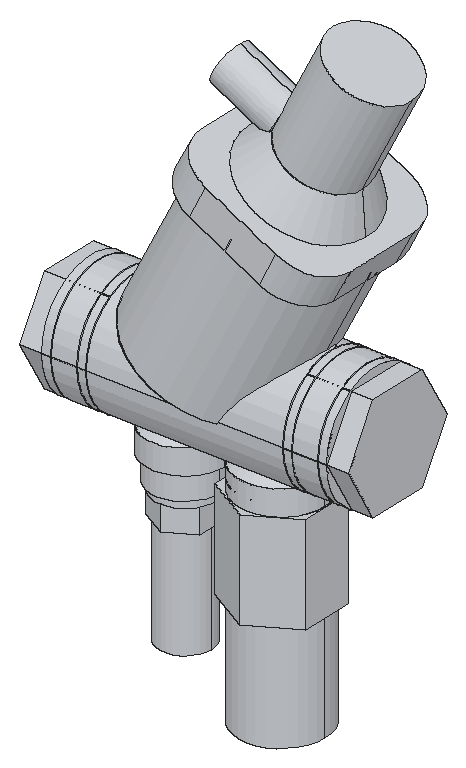
Revit family "PV_Compact_DN015_  5-30_FF_měř-vyp_RFA_2018", category Pipe Accessories, Revit 2018
Family settings
  Round Connector Dimension = Use Diameter
  Part Type = Valve - Breaks Into
  Work Plane-Based = No
  Always vertical = Yes
  Cut with Voids When Loaded = No
  Shared = No
Parameters (values of type "PV Compact DN15 FF s měřením a vypouštěním ( 5-30kPa)")
  magiProductId = "1e13aaf8f1b54965adca1ab26bd771"
  magiProductFamilyId = "88c57951ecb64b5d83dd1d4eb8fc72"
  magiPartTypeId = 304
  isMeasuringValve [instance] = no
  ang2D [instance] = 0.00°
  Z7 = 15 mm
  Z6 = 24.6 mm
  Z5 = 57.4 mm
  Z4 = 49.2 mm
  Z3 = 8.2 mm
  Z2 = 41 mm
  XR3 = 30 mm
  XR2 = 25 mm
  XR1 = 13 mm
  W2D = 15 mm
  VersionID = "2.0/2018.12.13.2/FRESE_PV_COMPACT_PLUG_Q13_001"
  Use Minimum Symbol Size [instance] = no
  URL = "www.hydronic.cz"
  Type Comments = "závitový s vnitřním závitem; s měřicí vsuvkou a vypouštěním; PN25; dpmax=450kPa; -10~+120°C"
  R5 = 5 mm
  R4 = 15 mm
  R3 = 10 mm
  R2 = 14 mm
  R1 = 19 mm
  QmdConnectorList = "301;D;302;D"
  Productdata [instance] = ""
  PH__ve = -PH  # -22.4 mm
  PH = 22.4 mm
  NL__ve = -NL  # -15 mm
  NL = 15 mm
  Manufacturer = "Hydronic Systems Prague s.r.o."
  MC Use Limits From Balancing Method = no
  MC Throttling Minimum Value = 0
  MC Throttling Maximum Value = 0
  MC Product Code = "53-3242 DN15; FF; nastavitelný rozsah dp=5~30kPa; Q=50~600l/h;  kvs=2,9"
  MC Pressure Drop Minimum Value = 0.0 Pa
  MC Pressure Drop Maximum Value = 0.0 Pa
  MC Piping Given Pressure Drop [instance] = 0.0 Pa
  M5 = 32.5 mm
  M4 = 30.5 mm
  M3 = 24.5 mm
  M2 = 22.5 mm
  LP = 37.5 mm
  LM = 45 mm
  LL__ve = -LL  # -5.7 mm
  LLT__ve = -LLT  # -14.9 mm
  LLT = 14.9 mm
  LL2 = 32 mm
  LL = 5.7 mm
  L3 = 11 mm
  L2D_Min = 30.48 mm
  L2D = 65 mm
  Description = "Nastavitelný regulátor tlakové diference"
  DR1 = yes
  DR0 = no
  DL2 = 66 mm
  D = 15 mm
  CenSd_R2_6 = R2 * cos(30.00°)  # 12.124 mm
  CAT0 = yes
  C0D1 = yes
  C0D0 = no
Types (10, lengths in mm): name | magiProductId | Z6 | Z5 | Z4 | Z3 | Z2 | XR3 | XR2 | XR1 | R2 | R1 | PH__ve | PH | NL__ve | NL | MC Product Code | M5 | M4 | M3 | M2 | LP | LM | LL__ve | LLT__ve | LLT | LL2 | LL | L3 | DL2 | D | CenSd_R2_6
  PV Compact DN15 FF s měřením a vypouštěním (20-60kPa) | "ebd4dd38c61a47e78db1b31e427098" | 24.6 | 57.4 | 49.2 | 8.2 | 41 | 30 | 25 | 13 | 14 | 19 | -22.4 | 22.4 | -15 | 15 | "53-3243 DN15; FF; nastavitelný rozsah dp=20~60kPa; Q=100~1000l/h;  kvs=2,9" | 32.5 | 30.5 | 24.5 | 22.5 | 37.5 | 45 | -5.7 | -14.9 | 14.9 | 32 | 5.7 | 11 | 66 | 15 | 12.124
  PV Compact DN15 FF s měřením a vypouštěním ( 5-30kPa) | "1e13aaf8f1b54965adca1ab26bd771" | 24.6 | 57.4 | 49.2 | 8.2 | 41 | 30 | 25 | 13 | 14 | 19 | -22.4 | 22.4 | -15 | 15 | "53-3242 DN15; FF; nastavitelný rozsah dp=5~30kPa; Q=50~600l/h;  kvs=2,9" | 32.5 | 30.5 | 24.5 | 22.5 | 37.5 | 45 | -5.7 | -14.9 | 14.9 | 32 | 5.7 | 11 | 66 | 15 | 12.124
  PV Compact DN20 FF s měřením a vypouštěním (20-60kPa) | "6d4e29c475624129ae1d8630218e83" | 24.6 | 57.4 | 49.2 | 8.2 | 41 | 30 | 25 | 13 | 14 | 19 | -22.4 | 22.4 | -15.8 | 15.8 | "53-3245 DN20; FF; nastavitelný rozsah dp=20~60kPa; Q=150~2000l/h;  kvs=3,5" | 33.7 | 31.7 | 25.7 | 23.7 | 39.5 | 47.4 | -5.7 | -14.9 | 14.9 | 32 | 5.7 | 11 | 66 | 20 | 12.124
  PV Compact DN20 FF s měřením a vypouštěním ( 5-30kPa) | "3c7d936801344d2a9486b3d5f20c15" | 24.6 | 57.4 | 49.2 | 8.2 | 41 | 30 | 25 | 13 | 14 | 19 | -22.4 | 22.4 | -15.8 | 15.8 | "53-3244 DN20; FF; nastavitelný rozsah dp=5~30kPa; Q=100~1000l/h;  kvs=3,5" | 33.7 | 31.7 | 25.7 | 23.7 | 39.5 | 47.4 | -5.7 | -14.9 | 14.9 | 32 | 5.7 | 11 | 66 | 20 | 12.124
  PV Compact DN25 FF s měřením a vypouštěním ( 5-30kPa) | "40b783a088714ff8af367f7ba18a04" | 25.5 | 59.5 | 51 | 8.5 | 42.5 | 30 | 25 | 13 | 14 | 19 | -22.8 | 22.8 | -16.6 | 16.6 | "53-3251 DN25; FF; nastavitelný rozsah dp=5~30kPa; Q=600~2100l/h;  kvs=4,0" | 34.9 | 32.9 | 26.9 | 24.9 | 41.5 | 49.8 | -5.9 | -16.3 | 16.3 | 34 | 5.9 | 11 | 68 | 25 | 12.124
  PV Compact DN25L FF s měřením a vypouštěním (20-80kPa) | "7052257d0cc94620b8f60c4ac85ccd" | 40.2 | 93.8 | 80.4 | 13.4 | 67 | 42.5 | 37.5 | 25.5 | 26.5 | 31.5 | -23.6 | 23.6 | -20 | 20 | "53-3247 DN25; FF; nastavitelný rozsah dp=20~80kPa; Q=750~4200l/h;  kvs=8,7" | 40 | 38 | 32 | 30 | 50 | 60 | -6.3 | -19.1 | 19.1 | 38 | 6.3 | 11 | 72 | 25 | 22.95
  PV Compact DN25L FF s měřením a vypouštěním ( 5-30kPa) | "006ff7ff77e34fd39e52f3f4c37192" | 40.2 | 93.8 | 80.4 | 13.4 | 67 | 42.5 | 37.5 | 25.5 | 26.5 | 31.5 | -23.6 | 23.6 | -20 | 20 | "53-3246 DN25L; FF; nastavitelný rozsah dp=5~30kPa; Q=600~2500l/h;  kvs=8,7" | 40 | 38 | 32 | 30 | 50 | 60 | -6.3 | -19.1 | 19.1 | 38 | 6.3 | 11 | 72 | 25 | 22.95
  PV Compact DN32 FF s měřením a vypouštěním (20-80kPa) | "e53839f5e58040c69ad69dcf8b7122" | 40.2 | 93.8 | 80.4 | 13.4 | 67 | 42.5 | 37.5 | 25.5 | 26.5 | 31.5 | -24.6 | 24.6 | -20.8 | 20.8 | "53-3248 DN32; FF; nastavitelný rozsah dp=20~80kPa; Q=1000~5000l/h;  kvs=10,1" | 41.2 | 39.2 | 33.2 | 31.2 | 52 | 62.4 | -6.8 | -22.6 | 22.6 | 43 | 6.8 | 25 | 77 | 32 | 22.95
  PV Compact DN40 FF s měřením a vypouštěním (20-80kPa) | "edae53f0ee9843aa9c005a0dbc2db4" | 46.8 | 109.2 | 93.6 | 15.6 | 78 | 42.5 | 37.5 | 25.5 | 26.5 | 31.5 | -25.2 | 25.2 | -27.6 | 27.6 | "53-3249 DN40; FF; nastavitelný rozsah dp=20~80kPa; Q=3000~8000l/h;  kvs=15,8" | 51.4 | 49.4 | 43.4 | 41.4 | 69 | 82.8 | -7.1 | -24.7 | 24.7 | 46 | 7.1 | 25 | 80 | 40 | 22.95
  PV Compact DN50 FF s měřením a vypouštěním (20-80kPa) | "7572286e99104aaeaae4a504f9a6dd" | 46.8 | 109.2 | 93.6 | 15.6 | 78 | 42.5 | 37.5 | 25.5 | 35.25 | 31.5 | -26.4 | 26.4 | -27.6 | 27.6 | "53-3250 DN50; FF; nastavitelný rozsah dp=20~80kPa; Q=5000~11500l/h;  kvs=16,2" | 51.4 | 49.4 | 43.4 | 41.4 | 69 | 82.8 | -7.7 | -28.9 | 28.9 | 52 | 7.7 | 25 | 86 | 50 | 30.527
Reference planes
  plane 1 "Center (Front/Back)": y = 0
  plane 2 "XYPLANE": z = 0
  plane 3 "Center (Left/Right)": x = 0
  plane 4 "408": x = 37.5
  plane 5 "407": x = -37.5
  plane 6 "402": z = -66
  plane 7 "213": x = 11
  plane 8 "168": z = -10.9
  plane 9 "167": z = -12.9
  plane 10 "166": z = -18.6
  plane 11 "165": z = -24.3
  plane 12 "164": z = -26.3
  plane 13 "154": z = 0
  plane 14 "152": y = 0
  plane 15 "151": z = -32
  plane 16 "150": x = -11
  plane 17 "75": through (318.218, 0, 679.605) normal (0.891, 0, -0.454)
  plane 18 "74": x = 32.5
  plane 19 "73": x = 30.5
  plane 20 "72": x = 24.5
  plane 21 "71": x = 22.5
  plane 22 "70": x = -32.5
  plane 23 "69": x = -30.5
  plane 24 "68": x = -24.5
  plane 25 "67": y = 0
  plane 26 "66": through (-666.893, 0, 343.166) normal (0.454, 0, 0.891)
  plane 27 "65": x = -22.5
  plane 28 "64": through (335.147, 0, 670.979) normal (0.891, 0, -0.454)
  plane 29 "63": through (-649.641, 0, 377.024) normal (0.454, 0, 0.891)
  plane 30 "62": through (352.076, 0, 662.353) normal (0.891, 0, -0.454)
  plane 31 "61": y = 19
  plane 32 "60": y = -19
  plane 33 "59": through (-645.919, 0, 384.33) normal (0.454, 0, 0.891)
  plane 34 "58": through (-642.196, 0, 391.637) normal (0.454, 0, 0.891)
  plane 35 "57": through (313.763, 0, 681.875) normal (0.891, 0, -0.454)
  plane 36 "56": x = 0
  plane 37 "55": through (-668.255, 0, 340.493) normal (0.454, 0, 0.891)
  plane 38 "102XY": through (-668.255, 0, 340.493) normal (0.454, 0, 0.891)
  plane 39 "102XZ": y = 0
  plane 40 "102YZ": through (340.493, 0, 668.255) normal (0.891, 0, -0.454)
Forms (mm)
  Extrusion 1, solid
    sketch origin (37.5, -750, 0) x (0, 1, 0) y (0, 0, 1)
      loop
        line (764, 0) -> (757, 12.124) -> (743, 12.124) -> (736, 0) -> (743, -12.124) -> (757, -12.124) -> (764, 0)
    from 0 to -15 <- "NL__ve"
  Extrusion 2, solid
    sketch origin (-37.5, -750, 0) x (0, 1, 0) y (0, 0, 1)
      loop
        line (736, 0) -> (743, -12.124) -> (757, -12.124) -> (764, 0) -> (757, 12.124) -> (743, 12.124) -> (736, 0)
    from 0 to 15 <- "NL"
  Extrusion 3, solid, visible <- "C0D1"
    sketch origin (-750, 0, -66) x (1, 0, 0) y (0, 1, 0)
      loop
        circle (761, 0) r 10
    from 0 to 50
  Extrusion 4, solid, visible <- "DR1"
    sketch origin (-750, 0, -18.6) x (1, 0, 0) y (0, 1, 0)
      loop
        line (761, -12) -> (771.392, -6) -> (771.392, 6) -> (761, 12) -> (750.608, 6) -> (750.608, -6) -> (761, -12)
    from 0 to -22.4 <- "PH__ve"
  Extrusion 5, solid, visible <- "DR1"
    sketch origin (-750, 0, -18.6) x (1, 0, 0) y (0, 1, 0)
      loop
        circle (761, 0) r 10
    from 0 to 5.7 <- "LL"
  Blend 6, solid, visible <- "DR1"
    base sketch origin (-750, 0, -10.9) x (1, 0, 0) y (0, 1, 0)
      loop
        circle (761, 0) r 7.5
    top sketch origin (-750, 0, -10.9) x (1, 0, 0) y (0, 1, 0)
      loop
        circle (761, 0) r 10
    from 0 to -2
  Extrusion 7, solid, visible <- "DR1"
    sketch origin (-750, 0, 0) x (1, 0, 0) y (0, 1, 0)
      loop
        circle (761, 0) r 7.5
    from 0 to -14.9 <- "LLT__ve"
  Extrusion 8, solid, visible <- "C0D0"
    sketch origin (-750, 0, -32) x (1, 0, 0) y (0, 1, 0)
      loop
        circle (761, 0) r 6
    from 0 to -25
  Extrusion 9, solid, visible <- "DR0"
    sketch origin (-750, 0, -26.3) x (1, 0, 0) y (0, 1, 0)
      loop
        line (761, -7) -> (767.062, -3.5) -> (767.062, 3.5) -> (761, 7) -> (754.938, 3.5) -> (754.938, -3.5) -> (761, -7)
    from 0 to -5.7 <- "LL__ve"
  Extrusion 10, solid, visible <- "DR0"
    sketch origin (-750, 0, -26.3) x (1, 0, 0) y (0, 1, 0)
      loop
        circle (761, 0) r 7
    from 0 to 2
  Extrusion 11, solid, visible <- "DR0"
    sketch origin (-750, 0, -18.6) x (1, 0, 0) y (0, 1, 0)
      loop
        circle (761, 0) r 9
    from 0 to 5.7 <- "LL"
  Blend 12, solid, visible <- "DR0"
    base sketch origin (-750, 0, -10.9) x (1, 0, 0) y (0, 1, 0)
      loop
        circle (761, 0) r 6.5
    top sketch origin (-750, 0, -10.9) x (1, 0, 0) y (0, 1, 0)
      loop
        circle (761, 0) r 9
    from 0 to -2
  Extrusion 13, solid, visible <- "DR0"
    sketch origin (-750, 0, 0) x (1, 0, 0) y (0, 1, 0)
      loop
        circle (761, 0) r 6.5
    from 0 to -14.9 <- "LLT__ve"
  Extrusion 14, solid, visible <- "DR0"
    sketch origin (-750, 0, 0) x (1, 0, 0) y (0, 1, 0)
      loop
        circle (761, 0) r 6.5
    from 0 to -14.9 <- "LLT__ve"
  Blend 15, solid, visible <- "DR0"
    base sketch origin (-750, 0, -10.9) x (1, 0, 0) y (0, 1, 0)
      loop
        circle (761, 0) r 6.5
    top sketch origin (-750, 0, -10.9) x (1, 0, 0) y (0, 1, 0)
      loop
        circle (761, 0) r 9
    from 0 to -2
  Extrusion 16, solid, visible <- "DR0"
    sketch origin (-750, 0, -18.6) x (1, 0, 0) y (0, 1, 0)
      loop
        circle (761, 0) r 9
    from 0 to 5.7 <- "LL"
  Extrusion 17, solid, visible <- "DR0"
    sketch origin (-750, 0, -24.3) x (1, 0, 0) y (0, 1, 0)
      loop
        circle (761, 0) r 8
    from 0 to 5.7 <- "LL"
  Extrusion 18, solid, visible <- "DR0"
    sketch origin (-750, 0, -26.3) x (1, 0, 0) y (0, 1, 0)
      loop
        circle (761, 0) r 7
    from 0 to 2
  Extrusion 19, solid, visible <- "DR0"
    sketch origin (-750, 0, -26.3) x (1, 0, 0) y (0, 1, 0)
      loop
        line (761, -7) -> (767.062, -3.5) -> (767.062, 3.5) -> (761, 7) -> (754.938, 3.5) -> (754.938, -3.5) -> (761, -7)
    from 0 to -5.7 <- "LL__ve"
  Extrusion 20, solid, visible <- "C0D0"
    sketch origin (-750, 0, -32) x (1, 0, 0) y (0, 1, 0)
      loop
        circle (761, 0) r 6
    from 0 to -25
  Extrusion 21, solid, visible <- "CAT0"
    sketch origin (-750, 0, -32) x (1, 0, 0) y (0, 1, 0)
      loop
        circle (739, 0) r 6
    from 0 to -25
  Extrusion 22, solid
    sketch origin (-750, 0, -26.3) x (1, 0, 0) y (0, 1, 0)
      loop
        line (739, -7) -> (745.062, -3.5) -> (745.062, 3.5) -> (739, 7) -> (732.938, 3.5) -> (732.938, -3.5) -> (739, -7)
    from 0 to -5.7 <- "LL__ve"
  Extrusion 23, solid
    sketch origin (-750, 0, -26.3) x (1, 0, 0) y (0, 1, 0)
      loop
        circle (739, 0) r 7
    from 0 to 2
  Extrusion 24, solid
    sketch origin (-750, 0, -24.3) x (1, 0, 0) y (0, 1, 0)
      loop
        circle (739, 0) r 8
    from 0 to 5.7 <- "LL"
  Extrusion 25, solid
    sketch origin (-750, 0, -18.6) x (1, 0, 0) y (0, 1, 0)
      loop
        circle (739, 0) r 9
    from 0 to 5.7 <- "LL"
  Blend 26, solid
    base sketch origin (-750, 0, -10.9) x (1, 0, 0) y (0, 1, 0)
      loop
        circle (739, 0) r 6.5
    top sketch origin (-750, 0, -10.9) x (1, 0, 0) y (0, 1, 0)
      loop
        circle (739, 0) r 9
    from 0 to -2
  Extrusion 27, solid
    sketch origin (-750, 0, 0) x (1, 0, 0) y (0, 1, 0)
      loop
        circle (739, 0) r 6.5
    from 0 to -14.9 <- "LLT__ve"
  Blend 28, solid, visible <- "CAT0"
    base sketch origin (30.5, -750, 0) x (0, 1, 0) y (0, 0, 1)
      loop
        circle (750, 0) r 14
    top sketch origin (30.5, -750, 0) x (0, 1, 0) y (0, 0, 1)
      loop
        circle (750, 0) r 14
    from 0 to 2
  Extrusion 29, solid, visible <- "CAT0"
    sketch origin (24.5, -750, 0) x (0, 1, 0) y (0, 0, 1)
      loop
        circle (750, 0) r 14
    from 0 to 6
  Blend 30, solid, visible <- "CAT0"
    base sketch origin (22.5, -750, 0) x (0, 1, 0) y (0, 0, 1)
      loop
        circle (750, 0) r 14
    top sketch origin (22.5, -750, 0) x (0, 1, 0) y (0, 0, 1)
      loop
        circle (750, 0) r 14
    from 0 to 2
  Blend 31, solid, visible <- "CAT0"
    base sketch origin (-30.5, -750, 0) x (0, 1, 0) y (0, 0, 1)
      loop
        circle (750, 0) r 14
    top sketch origin (-30.5, -750, 0) x (0, 1, 0) y (0, 0, 1)
      loop
        circle (750, 0) r 14
    from 0 to -2
  Extrusion 32, solid, visible <- "CAT0"
    sketch origin (-30.5, -750, 0) x (0, 1, 0) y (0, 0, 1)
      loop
        circle (750, 0) r 14
    from 0 to 6
  Blend 33, solid, visible <- "CAT0"
    base sketch origin (-24.5, -750, 0) x (0, 1, 0) y (0, 0, 1)
      loop
        circle (750, 0) r 14
    top sketch origin (-24.5, -750, 0) x (0, 1, 0) y (0, 0, 1)
      loop
        circle (750, 0) r 14
    from 0 to 2
  Extrusion 34, solid, visible <- "CAT0"
    sketch origin (-22.5, -750, 0) x (0, 1, 0) y (0, 0, 1)
      loop
        circle (750, 0) r 14
    from 0 to 45 <- "LM"
  Extrusion 35, solid, visible <- "CAT0"
    sketch origin (-666.893, 0, 343.166) x (0.891007, 0, -0.45399) y (0, 1, 0)
      loop
        circle (744, 0) r 19
    from 0 to 41 <- "Z2"
  Extrusion 36, solid, visible <- "CAT0"
    sketch origin (-649.641, 0, 377.024) x (0.891007, 0, -0.45399) y (0, 1, 0)
      loop
        arc (735, 19) -> (727.929, 16.071) -> (725, 9) r 10
        line (725, 9) -> (725, -9)
        arc (725, -9) -> (727.929, -16.071) -> (735, -19) r 10
        line (735, -19) -> (753, -19)
        arc (753, -19) -> (760.071, -16.071) -> (763, -9) r 10
        line (763, -9) -> (763, 9)
        arc (763, 9) -> (760.071, 16.071) -> (753, 19) r 10
        line (753, 19) -> (735, 19)
    from 0 to 8.2 <- "Z3"
  Blend 37, solid, visible <- "CAT0"
    base sketch origin (-645.919, 0, 384.33) x (0.891007, 0, -0.45399) y (0, 1, 0)
      loop
        circle (744, 0) r 15
    top sketch origin (-645.919, 0, 384.33) x (0.891007, 0, -0.45399) y (0, 1, 0)
      loop
        circle (744, 0) r 10
    from 0 to 8.2
  Extrusion 38, solid, visible <- "CAT0"
    sketch origin (-642.196, 0, 391.637) x (0.891007, 0, -0.45399) y (0, 1, 0)
      loop
        circle (744, 0) r 10
    from 0 to 24.6 <- "Z6"
  Extrusion 39, solid, visible <- "CAT0"
    sketch origin (313.763, 0, 681.875) x (-0.45399, 0, -0.891007) y (0, 1, 0)
      loop
        circle (692.6, 0) r 5
    from 0 to 15 <- "Z7"
  Blend 40, solid, visible <- "CAT0"
    base sketch origin (-668.255, 0, 340.493) x (0.891007, 0, -0.45399) y (0, 1, 0)
      loop
        circle (744, 0) r 15
    top sketch origin (-668.255, 0, 340.493) x (0.891007, 0, -0.45399) y (0, 1, 0)
      loop
        circle (744, 0) r 19
    from 0 to 3
  Extrusion 41, solid, not visible
    sketch origin (-32.5, -750, 0) x (0, 1, 0) y (0, 0, 1)
      loop
        circle (750, 0) r 10
    from 0 to 10
  Extrusion 42, solid, not visible
    sketch origin (32.5, -750, 0) x (0, 1, 0) y (0, 0, 1)
      loop
        circle (750, 0) r 10
    from 0 to -10
Lines and regions (mm)
  reference lines, not visible
    curve 1: circle (2, 2, 0) r 1 normal (0, 0, 1)
  reference lines
    curve 2: line (37.5, 0, 0) -> (37.5, -3.5, 6.062)
    curve 3: line (37.5, 0, 0) -> (37.5, -7, 0)
    curve 4: line (37.5, 0, 0) -> (37.5, -3.5, -6.062)
    curve 5: line (-37.5, 0, 0) -> (-37.5, 3.5, 6.062)
    curve 6: line (-37.5, 0, 0) -> (-37.5, 7, 0)
    curve 7: line (-37.5, 0, 0) -> (-37.5, 3.5, -6.062)
Dimensions and locks
  plane 1 "Center (Front/Back)" to curve 1 = 2 mm
  "LP": plane 36 "56" to plane 4 "408"
  "LP": plane 36 "56" to plane 5 "407"
  "DL2": plane 2 "XYPLANE" to plane 6 "402"
  "L3": plane 3 "Center (Left/Right)" to plane 7 "213"
  locked: plane 9 "167" to plane 8 "168" at 2
  "LL": plane 10 "166" to plane 9 "167"
  "LL": plane 11 "165" to plane 10 "166"
  locked: plane 12 "164" to plane 11 "165" at 2
  "LL": plane 15 "151" to plane 12 "164"
  locked: plane 2 "XYPLANE" to plane 13 "154"
  locked: plane 1 "Center (Front/Back)" to plane 14 "152"
  "LL2": plane 2 "XYPLANE" to plane 15 "151"
  "L3": plane 3 "Center (Left/Right)" to plane 16 "150"
  "XR2": plane 40 "102YZ" to plane 17 "75"
  "M5": plane 3 "Center (Left/Right)" to plane 18 "74"
  "M4": plane 3 "Center (Left/Right)" to plane 19 "73"
  "M3": plane 3 "Center (Left/Right)" to plane 20 "72"
  "M2": plane 3 "Center (Left/Right)" to plane 21 "71"
  "M5": plane 3 "Center (Left/Right)" to plane 22 "70"
  "M4": plane 3 "Center (Left/Right)" to plane 23 "69"
  "M3": plane 3 "Center (Left/Right)" to plane 24 "68"
  locked: plane 14 "152" to plane 25 "67"
  locked: plane 38 "102XY" to plane 26 "66" at 3
  "M2": plane 3 "Center (Left/Right)" to plane 27 "65"
  locked: plane 40 "102YZ" to plane 28 "64" at 6
  "Z2": plane 38 "102XY" to plane 29 "63"
  "XR1": plane 40 "102YZ" to plane 30 "62"
  "R1": plane 14 "152" to plane 31 "61"
  "R1": plane 14 "152" to plane 32 "60"
  "Z4": plane 38 "102XY" to plane 33 "59"
  "Z5": plane 38 "102XY" to plane 34 "58"
  "XR3": plane 40 "102YZ" to plane 35 "57"
  locked: plane 3 "Center (Left/Right)" to plane 36 "56"
  locked: plane 38 "102XY" to plane 37 "55"
  "CenSd_R2_6": curve 2 to Extrusion 1 sketch curve  (x2)
  "CenSd_R2_6": curve 3 to Extrusion 1 sketch curve  (x2)
  "CenSd_R2_6": curve 4 to Extrusion 1 sketch curve  (x2)
  Extrusion 1 sketch curve to Extrusion 1 sketch curve = 0 mm  (x12)
  "CenSd_R2_6": curve 5 to Extrusion 2 sketch curve  (x2)
  "CenSd_R2_6": curve 6 to Extrusion 2 sketch curve  (x2)
  "CenSd_R2_6": curve 7 to Extrusion 2 sketch curve  (x2)
  Extrusion 2 sketch curve to Extrusion 2 sketch curve = 0 mm  (x12)
  Extrusion 4 sketch curve to Extrusion 4 sketch curve = 0 mm  (x12)
  Extrusion 9 sketch curve to Extrusion 9 sketch curve = 0 mm  (x12)
  Extrusion 19 sketch curve to Extrusion 19 sketch curve = 0 mm  (x12)
  Extrusion 22 sketch curve to Extrusion 22 sketch curve = 0 mm  (x12)
  Extrusion 36 sketch curve to Extrusion 36 sketch curve = 0 mm  (x16)
  "R2": radius of Blend 28 sketch curve  (x2)
  "R2": radius of Extrusion 29 sketch curve
  "R2": radius of Blend 30 sketch curve  (x2)
  "R2": radius of Blend 31 sketch curve  (x2)
  "R2": radius of Extrusion 32 sketch curve
  "R2": radius of Blend 33 sketch curve  (x2)
  "R2": radius of Extrusion 34 sketch curve
  "R1": radius of Extrusion 35 sketch curve
  radius of Extrusion 36 sketch curve = 10 mm  (x4)
  "R3": radius of Blend 37 sketch curve
  "R4": radius of Blend 37 sketch curve
  "R3": radius of Extrusion 38 sketch curve
  "R5": radius of Extrusion 39 sketch curve
  "R1": radius of Blend 40 sketch curve
  locked: curve 3 to curve 2 (angle 60.00°)
  locked: curve 4 to curve 3 (angle 60.00°)
  locked: curve 4 to curve 2 (angle 120.00°)
  locked: curve 6 to curve 5 (angle 60.00°)
  locked: curve 7 to curve 6 (angle 60.00°)
  locked: curve 7 to curve 5 (angle 120.00°)
  aligned and locked: level to plane 2 "XYPLANE"
  aligned and locked: plane 13 "154" to curve 4
  aligned and locked: curve 4 to plane 14 "152"
  aligned and locked: plane 13 "154" to curve 7
  aligned and locked: curve 7 to plane 14 "152"
  aligned and locked: plane 7 "213" to Extrusion 3 sketch curve
  aligned and locked: plane 14 "152" to Extrusion 3 sketch curve
  aligned and locked: plane 7 "213" to Extrusion 5 sketch curve
  aligned and locked: plane 14 "152" to Extrusion 5 sketch curve
  aligned and locked: plane 7 "213" to Blend 6 sketch curve  (x2)
  aligned and locked: plane 14 "152" to Blend 6 sketch curve  (x2)
  aligned and locked: Blend 6 to plane 9 "167"
  aligned and locked: plane 7 "213" to Extrusion 7 sketch curve
  aligned and locked: plane 14 "152" to Extrusion 7 sketch curve
  aligned and locked: plane 7 "213" to Extrusion 8 sketch curve
  aligned and locked: plane 14 "152" to Extrusion 8 sketch curve
  aligned and locked: plane 7 "213" to Extrusion 10 sketch curve
  aligned and locked: plane 14 "152" to Extrusion 10 sketch curve
  aligned and locked: plane 7 "213" to Extrusion 11 sketch curve
  aligned and locked: plane 14 "152" to Extrusion 11 sketch curve
  aligned and locked: plane 7 "213" to Blend 12 sketch curve  (x2)
  aligned and locked: plane 14 "152" to Blend 12 sketch curve  (x2)
  aligned and locked: Blend 12 to plane 9 "167"
  aligned and locked: plane 7 "213" to Extrusion 13 sketch curve
  aligned and locked: plane 14 "152" to Extrusion 13 sketch curve
  aligned and locked: plane 7 "213" to Extrusion 14 sketch curve
  aligned and locked: plane 14 "152" to Extrusion 14 sketch curve
  aligned and locked: plane 7 "213" to Blend 15 sketch curve  (x2)
  aligned and locked: plane 14 "152" to Blend 15 sketch curve  (x2)
  aligned and locked: Blend 15 to plane 9 "167"
  aligned and locked: plane 7 "213" to Extrusion 16 sketch curve
  aligned and locked: plane 14 "152" to Extrusion 16 sketch curve
  aligned and locked: plane 7 "213" to Extrusion 17 sketch curve
  aligned and locked: plane 14 "152" to Extrusion 17 sketch curve
  aligned and locked: plane 7 "213" to Extrusion 18 sketch curve
  aligned and locked: plane 14 "152" to Extrusion 18 sketch curve
  aligned and locked: plane 7 "213" to Extrusion 20 sketch curve
  aligned and locked: plane 14 "152" to Extrusion 20 sketch curve
  aligned and locked: plane 14 "152" to Extrusion 21 sketch curve
  aligned and locked: plane 16 "150" to Extrusion 21 sketch curve
  aligned and locked: plane 14 "152" to Extrusion 23 sketch curve
  aligned and locked: plane 16 "150" to Extrusion 23 sketch curve
  aligned and locked: plane 14 "152" to Extrusion 24 sketch curve
  aligned and locked: plane 16 "150" to Extrusion 24 sketch curve
  aligned and locked: plane 14 "152" to Extrusion 25 sketch curve
  aligned and locked: plane 16 "150" to Extrusion 25 sketch curve
  aligned and locked: plane 14 "152" to Blend 26 sketch curve  (x2)
  aligned and locked: plane 16 "150" to Blend 26 sketch curve  (x2)
  aligned and locked: Blend 26 to plane 9 "167"
  aligned and locked: plane 14 "152" to Extrusion 27 sketch curve
  aligned and locked: plane 16 "150" to Extrusion 27 sketch curve
  aligned and locked: plane 13 "154" to Blend 28 sketch curve  (x2)
  aligned and locked: Blend 28 sketch curve to plane 14 "152"  (x2)
  aligned and locked: plane 18 "74" to Blend 28
  aligned and locked: plane 13 "154" to Extrusion 29 sketch curve
  aligned and locked: Extrusion 29 sketch curve to plane 14 "152"
  aligned and locked: plane 13 "154" to Blend 30 sketch curve  (x2)
  aligned and locked: Blend 30 sketch curve to plane 14 "152"  (x2)
  aligned and locked: plane 20 "72" to Blend 30
  aligned and locked: plane 13 "154" to Blend 31 sketch curve  (x2)
  aligned and locked: Blend 31 sketch curve to plane 14 "152"  (x2)
  aligned and locked: Blend 31 to plane 22 "70"
  aligned and locked: plane 13 "154" to Extrusion 32 sketch curve
  aligned and locked: Extrusion 32 sketch curve to plane 14 "152"
  aligned and locked: plane 13 "154" to Blend 33 sketch curve  (x2)
  aligned and locked: Blend 33 sketch curve to plane 14 "152"  (x2)
  aligned and locked: plane 27 "65" to Blend 33
  aligned and locked: plane 13 "154" to Extrusion 34 sketch curve
  aligned and locked: Extrusion 34 sketch curve to plane 14 "152"
  aligned and locked: plane 25 "67" to Extrusion 35 sketch curve
  aligned and locked: Extrusion 35 sketch curve to plane 28 "64"
  aligned and locked: Extrusion 36 sketch curve to plane 17 "75"
  aligned and locked: Extrusion 36 sketch curve to plane 32 "60"
  aligned and locked: Extrusion 36 sketch curve to plane 30 "62"
  aligned and locked: plane 31 "61" to Extrusion 36 sketch curve
  aligned and locked: plane 25 "67" to Blend 37 sketch curve  (x2)
  aligned and locked: Blend 37 sketch curve to plane 28 "64"  (x2)
  aligned and locked: plane 34 "58" to Blend 37
  aligned and locked: plane 25 "67" to Extrusion 38 sketch curve
  aligned and locked: Extrusion 38 sketch curve to plane 28 "64"
  aligned and locked: plane 25 "67" to Extrusion 39 sketch curve
  aligned and locked: plane 34 "58" to Extrusion 39 sketch curve
  aligned and locked: plane 25 "67" to Blend 40 sketch curve  (x2)
  aligned and locked: Blend 40 sketch curve to plane 28 "64"  (x2)
  aligned and locked: plane 26 "66" to Blend 40
  aligned and locked: plane 13 "154" to Extrusion 41 sketch curve
  aligned and locked: Extrusion 41 sketch curve to plane 14 "152"
  aligned and locked: plane 13 "154" to Extrusion 42 sketch curve
  aligned and locked: Extrusion 42 sketch curve to plane 14 "152"
Automatic sketch dimensions
  plane 3 "Center (Left/Right)" to Extrusion 3 sketch curve = 1 mm
  Extrusion 4 sketch curve to plane 7 "213" = 0 mm  (x2)
  plane 3 "Center (Left/Right)" to Extrusion 4 sketch curve = 0.608 mm
  Extrusion 4 sketch curve to plane 21 "71" = 1.108 mm
  plane 32 "60" to Extrusion 4 sketch curve = 7 mm
  plane 1 "Center (Front/Back)" to Extrusion 4 sketch curve = 6 mm  (x2)
  Extrusion 4 sketch curve to plane 1 "Center (Front/Back)" = 6 mm  (x2)
  Extrusion 4 sketch curve to plane 31 "61" = 7 mm
  plane 3 "Center (Left/Right)" to Extrusion 5 sketch curve = 1 mm
  plane 3 "Center (Left/Right)" to Blend 6 sketch curve = 3.5 mm
  plane 3 "Center (Left/Right)" to Blend 6 sketch curve = 1 mm
  plane 3 "Center (Left/Right)" to Extrusion 7 sketch curve = 3.5 mm
  plane 3 "Center (Left/Right)" to Extrusion 8 sketch curve = 5 mm
  Extrusion 9 sketch curve to plane 7 "213" = 0 mm  (x2)
  plane 3 "Center (Left/Right)" to Extrusion 9 sketch curve = 4.938 mm
  Extrusion 9 sketch curve to plane 21 "71" = 5.438 mm
  plane 1 "Center (Front/Back)" to Extrusion 9 sketch curve = 7 mm
  plane 1 "Center (Front/Back)" to Extrusion 9 sketch curve = 3.5 mm  (x2)
  Extrusion 9 sketch curve to plane 1 "Center (Front/Back)" = 3.5 mm  (x2)
  Extrusion 9 sketch curve to Extrusion 9 sketch curve = 3.5 mm
  plane 3 "Center (Left/Right)" to Extrusion 10 sketch curve = 4 mm
  plane 3 "Center (Left/Right)" to Extrusion 11 sketch curve = 2 mm
  plane 3 "Center (Left/Right)" to Blend 12 sketch curve = 4.5 mm
  plane 3 "Center (Left/Right)" to Blend 12 sketch curve = 2 mm
  plane 3 "Center (Left/Right)" to Extrusion 13 sketch curve = 4.5 mm
  plane 3 "Center (Left/Right)" to Extrusion 14 sketch curve = 4.5 mm
  plane 3 "Center (Left/Right)" to Blend 15 sketch curve = 4.5 mm
  plane 3 "Center (Left/Right)" to Blend 15 sketch curve = 2 mm
  plane 3 "Center (Left/Right)" to Extrusion 16 sketch curve = 2 mm
  plane 3 "Center (Left/Right)" to Extrusion 17 sketch curve = 3 mm
  plane 3 "Center (Left/Right)" to Extrusion 18 sketch curve = 4 mm
  Extrusion 19 sketch curve to plane 7 "213" = 0 mm  (x2)
  plane 3 "Center (Left/Right)" to Extrusion 19 sketch curve = 4.938 mm
  Extrusion 19 sketch curve to plane 21 "71" = 5.438 mm
  plane 1 "Center (Front/Back)" to Extrusion 19 sketch curve = 7 mm
  plane 1 "Center (Front/Back)" to Extrusion 19 sketch curve = 3.5 mm  (x2)
  Extrusion 19 sketch curve to plane 1 "Center (Front/Back)" = 3.5 mm  (x2)
  Extrusion 19 sketch curve to Extrusion 19 sketch curve = 3.5 mm
  plane 3 "Center (Left/Right)" to Extrusion 20 sketch curve = 5 mm
  plane 27 "65" to Extrusion 21 sketch curve = 5.5 mm
  Extrusion 22 sketch curve to plane 16 "150" = 0 mm  (x2)
  plane 27 "65" to Extrusion 22 sketch curve = 5.438 mm
  Extrusion 22 sketch curve to plane 3 "Center (Left/Right)" = 4.938 mm
  plane 1 "Center (Front/Back)" to Extrusion 22 sketch curve = 7 mm
  plane 1 "Center (Front/Back)" to Extrusion 22 sketch curve = 3.5 mm  (x2)
  Extrusion 22 sketch curve to plane 1 "Center (Front/Back)" = 3.5 mm  (x2)
  Extrusion 22 sketch curve to Extrusion 22 sketch curve = 3.5 mm
  plane 27 "65" to Extrusion 23 sketch curve = 4.5 mm
  plane 27 "65" to Extrusion 24 sketch curve = 3.5 mm
  plane 27 "65" to Extrusion 25 sketch curve = 2.5 mm
  plane 27 "65" to Blend 26 sketch curve = 5 mm
  plane 27 "65" to Blend 26 sketch curve = 2.5 mm
  plane 27 "65" to Extrusion 27 sketch curve = 5 mm
  plane 17 "75" to Blend 40 sketch curve = 4 mm
  plane 32 "60" to Extrusion 41 sketch curve = 9 mm
  plane 32 "60" to Extrusion 42 sketch curve = 9 mm
  plane 3 "Center (Left/Right)" to curve 1 = 2 mm
  radius of curve 1 = 1 mm
Connectors
  piping at (-32.5, 0, 0), diameter 15, driven by "D"
    settings: on Extrusion 41, index 1, connector inside diameter 609.6 mm, connector length 0 mm, flow factor 0, pipe flow 0.0 L/s, pressure drop 0.0 Pa, fitting loss kfactor 0, connector angle 0.00°, fixture units 0, engagement length 0 mm, angle of deflection 0.00°, flow configuration 0, flow direction 0, fitting loss method 0, system type 29, joint type 0, gender type 0, connector reference index 2, connector utility 0, adjustable connector no, is connector primary yes, connector description ""
  piping at (32.5, 0, 0), diameter 15, driven by "D"
    settings: on Extrusion 42, index 2, connector inside diameter 609.6 mm, connector length 0 mm, flow factor 0, pipe flow 0.0 L/s, pressure drop 0.0 Pa, fitting loss kfactor 0, connector angle 0.00°, fixture units 0, engagement length 0 mm, angle of deflection 0.00°, flow configuration 0, flow direction 0, fitting loss method 0, system type 29, joint type 0, gender type 0, connector reference index 1, connector utility 0, adjustable connector no, is connector primary no, connector description ""
